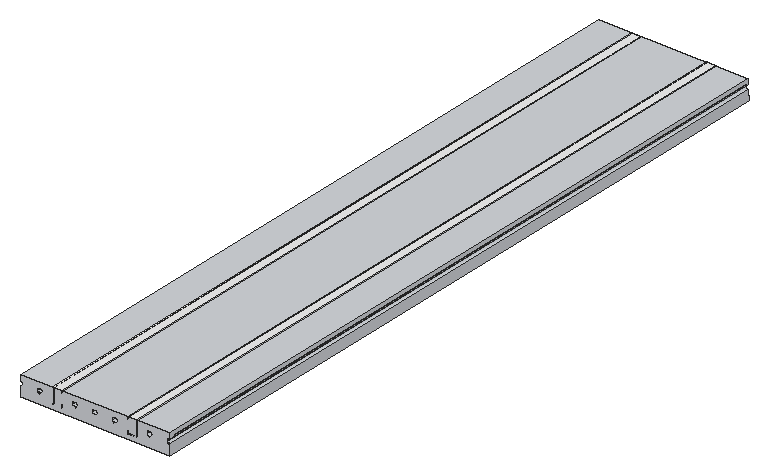
Revit family "Panel Aislante i16", category Generic Models, host Face, Revit 2016
Family settings
  Host = Face
  Part Type = Normal
  Can host rebar = No
  Round Connector Dimension = Use Diameter
  Cut with Voids When Loaded = No
  Shared = No
  Room Calculation Point = No
Parameters (values of type "IKOS 8")
  URL = "www.novidesa.com.mx"
  Poste Ancho = 6.1 cm
  Permeabilidad al vapor de agua = "0.046 ng/Pa.s.m"
  Model = "IKOS i16"
  Manufacturer = "NOVIDESA"
  Largo [instance] = 290 cm
  Espesor perfil [instance] = 6 cm
  Espesor = 8 cm
  Densidad Aparente = "17.2kg/m3"
  Default Elevation = 121.92 cm
  Conductividad Termica = "0.0316W/m.K"
  Ancho = 60 cm
  Ailamiento termico (R) h.ft2.°F/BTU = "13.70"
  Ailamiento termico (M) m2.K/W = "2.41"
  Adsorción de humedad (Volumen) = "0.0071%"
  Adsorción de humedad (Peso) = "0.43%"
Types (9, lengths in cm): name | Poste Ancho | Espesor perfil | Espesor | Ailamiento termico (R) h.ft2.°F/BTU | Ailamiento termico (M) m2.K/W
  (no name) | 6.1 | 6 | 8 | "13.70" | "2.41"
  IKOS 6 | 6.2 | 6.1 | 6 | "10.77" | "1.89"
  IKOS 8 | 6.1 | 6 | 8 | "13.70" | "2.41"
  IKOS 10-a | 8 | 7.9 | 10 | "16.34" | "2.87"
  IKOS 10-b | 9.8 | 9.7 | 10 | "16.60" | "2.92"
  IKOS 12-a | 9.8 | 9.7 | 12 | "19.29" | "3.39"
  IKOS 12-b | 11.8 | 11.7 | 12 | "17.99" | "3.16"
  IKOS 15 | 11.8 | 11.7 | 15 | "22.33" | "3.39"
  IKOS 20 | 11.8 | 11.7 | 20 | "21.98" | "3.86"
Reference planes (cm)
  plane 1 "Center (Front/Back)": y = 0
  plane 2: z = 0
  plane 3 "Center (Left/Right)": x = 0
  plane 4: z = 8
  plane 5: z = 5
  plane 6: x = -30
  plane 7: x = 30
  plane 8: x = -15
  plane 9: x = 15
  plane 10: z = 2
  plane 11: z = 8.1
  plane 12: x = -16.8041
  plane 13: x = -13.1959
  plane 14: x = -16.7041
  plane 15: x = -13.2959
  plane 16: z = 7.2554
  plane 17: z = 3.1018
  plane 18: x = -8
  plane 19: x = 8
  plane 20: x = 22
  plane 21: x = -22
  plane 22: x = 16.8041
  plane 23: x = 13.1959
  plane 24: x = 16.7041
  plane 25: x = 13.2959
  plane 26 "perfil": z = 0
  plane 27: z = 2.1018
  plane 28: y = 145
  plane 29: y = -145
Forms (cm)
  Extrusion 1, solid, material "Aluminum"
    sketch origin (0, 0, 0) x (1, 0, 0) y (0, 0, 1)
      loop
        line (-16.7041, 8) -> (-13.2959, 8) -> (-13.2959, 7.2554) -> (-13.1959, 7.2554) -> (-13.1959, 8.1) -> (-16.8041, 8.1) -> (-16.8041, 2) -> (-13.1959, 2) -> (-13.1959, 3.1018) -> (-13.2959, 3.1018) -> (-13.2959, 2.1018) -> (-16.7041, 2.1018) -> (-16.7041, 8)
      loop
        line (16.7041, 8) -> (16.7041, 2.1018) -> (13.2959, 2.1018) -> (13.2959, 3.1018) -> (13.1959, 3.1018) -> (13.1959, 2) -> (16.8041, 2) -> (16.8041, 8.1) -> (13.1959, 8.1) -> (13.1959, 7.2554) -> (13.2959, 7.2554) -> (13.2959, 8) -> (16.7041, 8)
    from -145 to 145
  Extrusion 2, solid
    sketch origin (0, 0, 0) x (1, 0, 0) y (0, 0, 1)
      loop
        line (-30, 8) -> (-30, 0) -> (30, 0) -> (30, 8) -> (-30, 8)
    from -145 to 145
  Extrusion 3, void
    sketch origin (0, 0, 0) x (1, 0, 0) y (0, 0, 1)
      loop
        circle (-30, 4.9972) r 1
      loop
        circle (-22, 5) r 1
      loop
        circle (-8, 5) r 1
      loop
        circle (0, 5) r 1
      loop
        circle (8, 5) r 1
      loop
        circle (22, 5) r 1
      loop
        circle (30, 5) r 1
    from -145 to 145
Cuts and joins
  Extrusion 3 cuts Extrusion 2
Dimensions and locks (cm)
  "Espesor": plane 4 to level
  locked: plane 4 to plane 5 at 3
  "Ancho": plane 7 to plane 6
  equal spacing: plane 7, plane 3 "Center (Left/Right)", plane 6
  locked: plane 8 to plane 9 at 30
  locked: plane 11 to plane 4 at 0.1
  "Poste Ancho": plane 11 to plane 10
  locked: plane 13 to plane 12 at 3.6083
  locked: plane 23 to plane 22 at 3.6083
  locked: plane 14 to plane 12 at 0.1
  locked: plane 13 to plane 15 at 0.1
  locked: plane 23 to plane 25 at 0.1
  locked: plane 24 to plane 22 at 0.1
  locked: plane 4 to plane 16 at 0.7446
  locked: plane 27 to plane 10 at 0.1018
  equal spacing: plane 28, plane 1 "Center (Front/Back)", plane 29
  "Largo": plane 28 to plane 29
  "Espesor perfil": plane 4 to plane 10
  locked: plane 17 to plane 27 at 1
  aligned and locked: plane 2 to host face
  aligned and locked: level to host face
  aligned and locked: Extrusion 1 sketch curve to plane 15  (x2)
  aligned and locked: Extrusion 1 sketch curve to plane 16
  aligned and locked: plane 13 to Extrusion 1 sketch curve  (x2)
  aligned and locked: Extrusion 1 sketch curve to plane 4
  aligned and locked: Extrusion 1 sketch curve to plane 11
  aligned and locked: Extrusion 1 sketch curve to plane 12
  aligned and locked: plane 14 to Extrusion 1 sketch curve
  aligned and locked: Extrusion 1 sketch curve to plane 10
  aligned and locked: plane 17 to Extrusion 1 sketch curve
  aligned and locked: Extrusion 1 sketch curve to plane 23  (x2)
  aligned and locked: plane 25 to Extrusion 1 sketch curve  (x2)
  aligned and locked: plane 11 to Extrusion 1 sketch curve
  aligned and locked: plane 4 to Extrusion 1 sketch curve
  aligned and locked: plane 16 to Extrusion 1 sketch curve
  aligned and locked: Extrusion 1 sketch curve to plane 24
  aligned and locked: plane 22 to Extrusion 1 sketch curve
  aligned and locked: plane 10 to Extrusion 1 sketch curve
  aligned and locked: Extrusion 1 sketch curve to plane 17
  aligned and locked: plane 28 to Extrusion 2
  aligned and locked: plane 29 to Extrusion 2
  aligned and locked: Extrusion 3 to Extrusion 2  (x2)
  aligned and locked: cut or joined group of Extrusion 2, Extrusion 3 to Extrusion 1  (x2)
  aligned and locked: plane 27 to Extrusion 1  (x2)
  aligned and locked: Extrusion 2 to level
Automatic sketch dimensions
  host sketch curve to host sketch curve = 243.84 cm  (x2)
  level to Extrusion 1 sketch curve = 2.1018 cm  (x2)
  level to Extrusion 2 sketch curve = 0 cm
  Extrusion 2 sketch curve to plane 6 = 0 cm
  plane 7 to Extrusion 2 sketch curve = 0 cm
  Extrusion 2 sketch curve to plane 4 = 0 cm
  Extrusion 3 sketch curve to plane 6 = 0 cm
  Extrusion 3 sketch curve to plane 5 = 0 cm  (x6)
  Extrusion 3 sketch curve to plane 21 = 0 cm
  Extrusion 3 sketch curve to plane 18 = 0 cm
  Extrusion 3 sketch curve to plane 3 "Center (Left/Right)" = 0 cm
  Extrusion 3 sketch curve to plane 19 = 0 cm
  Extrusion 3 sketch curve to plane 20 = 0 cm
  plane 7 to Extrusion 3 sketch curve = 0 cm
  Extrusion 3 sketch curve to plane 5 = 0.0028 cm
  radius of Extrusion 3 sketch curve = 1 cm  (x7)
